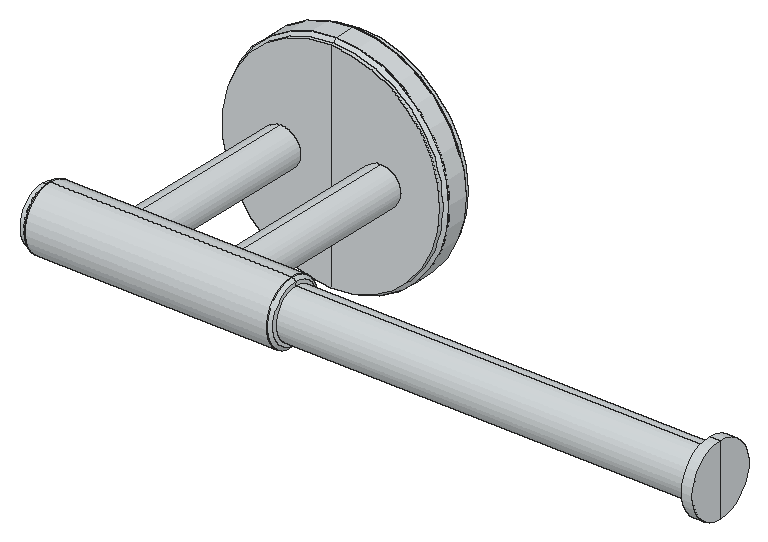
Revit family "Reece_Accessories_Milli_Marq Edit_Toilet Roll Holder", category Plumbing Fixtures, Revit 2018
Family settings
  Round Connector Dimension = Use Diameter
  Part Type = Normal
  Work Plane-Based = Yes
  Always vertical = Yes
  Cut with Voids When Loaded = Yes
  Shared = Yes
  Room Calculation Point = Yes
Parameters (values of type "Brushed Nickel")
  URL = "https://www.reece.com.au/product/-21902"
  Type Comments = "Accessory"
  Reece_Product_Web Page = "https://www.reece.com.au/product/-21902"
  Reece_Product_Type = "Accessory"  # constant formula
  Reece_Product_Sub Brand = "Marq Edit\r\n"  # constant formula
  Reece_Product_Number = "21902"
  Reece_Product_Mount = "Wall Mounted"  # constant formula
  Reece_Product_Description = "Milli Marq Edit Toilet Roll Holder Brushed Nickel"
  Reece_Product_Brand = "Milli"  # constant formula
  Reece_Overall_Width = 193 mm  # constant formula
  Reece_Overall_Projection = 76 mm  # constant formula
  Reece_Overall_Height = 62 mm  # constant formula
  Reece_Material_Secondary = Reece_Brass_Brushed Nickel_Knurl Pattern
  Reece_Material_Main = Reece_Brass_Brushed Nickel
  Reece_Height_From_Level [instance] = 300 mm
  Reece_Detail_Shape = ""
  Reece_Detail_Installation = ""
  Reece_Detail_Disclaimer = "THIS FILE IS THE PROPERTY OF THE REECE GROUP. IT MAY NOT BE REPRODUCED, REVERSE-ENGINEERED, OR MODIFIED. ANY REPUBLICATION, TRANSMISSION, OR DISTRIBUTION FOR THE PURPOSE OF COMMERCIALLY EXPLOITING THE FILES IS PROHIBITED."  # constant formula
  Reece_Detail_Connector = ""
  Reece_Detail_Additional = "Toilet Roll Holder\r\n"  # constant formula
  Model = "Marq Edit\r\n"
  Manufacturer = "Milli"
  Keynote = "Product #21902, Reece_Accessories_Milli_Marq Edit_Toilet Roll Holder - Brushed Nickel"
  Disclaimer = "THIS FILE IS THE PROPERTY OF THE REECE GROUP. IT MAY NOT BE REPRODUCED, REVERSE-ENGINEERED, OR MODIFIED. ANY REPUBLICATION, TRANSMISSION, OR DISTRIBUTION FOR THE PURPOSE OF COMMERCIALLY EXPLOITING THE FILES IS PROHIBITED."  # constant formula
  Description = "Milli Marq Edit Toilet Roll Holder Brushed Nickel"
  Default Elevation = 0 mm
Types (6, lengths in mm): name | URL | Reece_Product_Web Page | Reece_Product_Number | Reece_Product_Description | Reece_Material_Secondary | Reece_Material_Main | Keynote | Description
  Chrome | "https://www.reece.com.au/product/-21900" | "https://www.reece.com.au/product/-21900" | "21900" | "Milli Marq Edit Toilet Roll Holder Chrome" | Reece_Brass_Chrome_Knurl Pattern | Reece_Brass_Chrome | "Product #21900, Reece_Accessories_Milli_Marq Edit_Toilet Roll Holder - Chrome" | "Milli Marq Edit Toilet Roll Holder Chrome"
  Brushed Nickel | "https://www.reece.com.au/product/-21902" | "https://www.reece.com.au/product/-21902" | "21902" | "Milli Marq Edit Toilet Roll Holder Brushed Nickel" | Reece_Brass_Brushed Nickel_Knurl Pattern | Reece_Brass_Brushed Nickel | "Product #21902, Reece_Accessories_Milli_Marq Edit_Toilet Roll Holder - Brushed Nickel" | "Milli Marq Edit Toilet Roll Holder Brushed Nickel"
  Matte Black | "https://www.reece.com.au/product/-21901" | "https://www.reece.com.au/product/-21901" | "21901" | "Milli Marq Edit Toilet Roll Holder Matte Black" | Reece_Brass_Matte Black_Knurl Pattern | Reece_Brass_Matte Black | "Product #21901, Reece_Accessories_Milli_Marq Edit_Toilet Roll Holder - Matte Black" | "Milli Marq Edit Toilet Roll Holder Matte Black"
  Brushed Gunmetal | "https://www.reece.com.au/product/-21904" | "https://www.reece.com.au/product/-21904" | "21904" | "Milli Marq Edit Toilet Roll Holder Brushed Gunmetal" | Reece_Brass_Brushed Gunmetal_Knurl Pattern | Reece_Brass_Brushed Gunmetal | "Product #21904, Reece_Accessories_Milli_Marq Edit_Toilet Roll Holder - Brushed Gunmetal" | "Milli Marq Edit Toilet Roll Holder Brushed Gunmetal"
  Brushed Gold | "https://www.reece.com.au/product/-21903" | "https://www.reece.com.au/product/-21903" | "21903" | "Milli Marq Edit Toilet Roll Holder Brushed Gold" | Reece_PVD_Brushed Gold_Knurl Pattern | Reece_PVD_Brushed Gold | "Product #21903, Reece_Accessories_Milli_Marq Edit_Toilet Roll Holder - Brushed Gold" | "Milli Marq Edit Toilet Roll Holder Brushed Gold"
  Brushed Bronze | "https://www.reece.com.au/product/-21905" | "https://www.reece.com.au/product/-21905" | "21905" | "Milli Marq Edit Toilet Roll Holder Brushed Bronze" | Reece_PVD_Brushed Bronze_Knurl Pattern | Reece_PVD_Brushed Bronze | "Product #21905, Reece_Accessories_Milli_Marq Edit_Toilet Roll Holder - Brushed Bronze" | "Milli Marq Edit Toilet Roll Holder Brushed Bronze"
Reference planes
  plane 1 "Center (Front/Back)": y = 0
  plane 2 "Bottom Host Plane": z = -5
  plane 3 "Center (Left/Right)": x = 0
  plane 4 "height from level": z = 300
  plane 5: y = -76
  plane 6: z = 331
  plane 7: z = 269
  plane 8 "L_CTR": x = -60
  plane 9: x = -96.5
  plane 10 "Center L/U": x = -74.25
  plane 11 "Center L/V": x = -45.75
  plane 12 "RAIL 1_CTR": y = -67
  plane 13: x = 96.5
Forms (mm)
  Revolve 1, solid, material "Reece_Brass_Brushed Nickel" <- "Reece_Material_Main"
    sketch origin (-60, 0, 0) x (0, 0, 1) y (0, -1, 0)
      loop
        line (300, 0) -> (330.985, 0) -> (330.985, 1) -> (331.985, 2) -> (300, 2) -> (300, 0)
      loop
        line (300, 10) -> (300, 8) -> (331.985, 8) -> (330.985, 9) -> (330.985, 10) -> (300, 10)
      axis (300, 0) -> (300, 10)
    angle from 0 to 360
  Revolve 2, solid, material "Reece_Brass_Brushed Nickel_Knurl Pattern" <- "Reece_Material_Secondary"
    sketch origin (-60, 0, 0) x (0, 0, 1) y (0, -1, 0)
      loop
        line (300, 2) -> (331.985, 2) -> (331.985, 8) -> (300, 8) -> (300, 2)
      axis (300, 2) -> (300, 8)
    angle from 0 to 360
  Revolve 3, void
    sketch origin (-60, 0, 0) x (0, 0, 1) y (0, -1, 0)
      loop
        line (266.821, 3) -> (269, 3) -> (269, 5) -> (266.821, 5) -> (266.821, 3)
      axis (269, 5) -> (266.821, 5)
    angle from 0 to 360
  Extrusion 4, solid, material "Reece_Brass_Brushed Nickel" <- "Reece_Material_Main"
    sketch origin (-60, -10, 300) x (0, 0, 1) y (-1, 0, 0)
      loop
        circle (0, 14.25) r 5.5
      loop
        circle (0, -14.25) r 5.5
    from 0 to 57
  Revolve 5, solid, material "Reece_Brass_Brushed Nickel_Knurl Pattern" <- "Reece_Material_Secondary"
    sketch origin (31, -67, 0) x (0, 0, 1) y (-1, 0, 0)
      loop
        line (309, 125.5) -> (300, 125.5) -> (300, 56.5) -> (309, 56.5) -> (309, 125.5)
      axis (300, 125.5) -> (300, 56.5)
    angle from 0 to 360
  Revolve 6, solid, material "Reece_Brass_Brushed Nickel" <- "Reece_Material_Main"
    sketch origin (0, -67, 0) x (0, 0, 1) y (-1, 0, 0)
      loop
        line (308, 96.5) -> (300, 96.5) -> (300, 94.5) -> (309, 94.5) -> (308, 95.5) -> (308, 96.5)
      loop
        line (308, 24.5) -> (309, 25.5) -> (300, 25.5) -> (300, -96.5) -> (310, -96.5) -> (310, -93.5) -> (307, -93.5) -> (307, 24.5) -> (308, 24.5)
      axis (300, 96.5) -> (300, -96.5)
    angle from 0 to 360
  Extrusion 7, void
    sketch origin (-60, -10, 300) x (0, 0, 1) y (-1, 0, 0)
      loop
        circle (0, 14.25) r 5.5
      loop
        circle (0, -14.25) r 5.5
    from 0 to 55
  Revolve 8, solid, material "Reece_Brass_Brushed Nickel" <- "Reece_Material_Main"
    sketch origin (-60, 0, 0) x (0, 0, 1) y (0, -1, 0)
      loop
        line (268, 3.546) -> (269, 3) -> (269, 5) -> (268, 5) -> (268, 3.546)
      axis (269, 5) -> (268, 5)
    angle from 0 to 360
  Extrusion 9, void
    sketch origin (-60, -5, 268) x (0, 1, 0) y (1, 0, 0)
      loop
        line (0, 0.8) -> (-0.693, 0.4) -> (-0.693, -0.4) -> (0, -0.8) -> (0.693, -0.4) -> (0.693, 0.4) -> (0, 0.8)
    from 0 to -0.8
Cuts and joins
  Revolve 3 cuts Revolve 2
  Extrusion 7 cuts Revolve 5
  Extrusion 9 cuts Revolve 8
Lines and regions (mm)
  model lines, style "InvisibleLines"
    curve 1: line (0, 0, 300) -> (0, 0, -5)
Text (mm)
  text "Reece ©" at (2615.589, -2509.267, 2891.956), in view "Reece Preview"
  text "Reece ©" at (-402.991, -18.587, 0), in view "Ref. Level"
Dimensions and locks
  "Reece_Height_From_Level": plane 4 "height from level" to level
  locked: plane 2 "Bottom Host Plane" to level at 5
  equal spacing: plane 6, plane 4 "height from level", plane 7
  "Reece_Overall_Height": plane 6 to plane 7
  plane 11 "Center L/V" to plane 8 "L_CTR" to plane 10 "Center L/U" = 14.25 mm locked, 14.25 mm locked
  Extrusion 4 sketch curve to plane 10 "Center L/U" to Extrusion 4 sketch curve = 5.5 mm locked, 5.5 mm locked
  Extrusion 4 sketch curve to plane 11 "Center L/V" to Extrusion 4 sketch curve = 5.5 mm locked, 5.5 mm locked
  Extrusion 4 sketch curve to plane 4 "height from level" to Extrusion 4 sketch curve = 5.5 mm locked, 5.5 mm locked
  locked: plane 12 "RAIL 1_CTR" to plane 5 at 9
  locked: Revolve 5 sketch curve to Revolve 5 sketch curve at 69
  Revolve 6 sketch curve to Revolve 6 sketch curve to Revolve 6 sketch curve to Revolve 6 sketch curve = 1 mm locked, 69 mm locked, 1 mm locked
  Extrusion 7 sketch curve to plane 10 "Center L/U" to Extrusion 7 sketch curve = 5.5 mm locked, 5.5 mm locked
  Extrusion 7 sketch curve to plane 11 "Center L/V" to Extrusion 7 sketch curve = 5.5 mm locked, 5.5 mm locked
  Extrusion 7 sketch curve to plane 4 "height from level" to Extrusion 7 sketch curve = 5.5 mm locked, 5.5 mm locked
  Extrusion 9 sketch curve to plane 8 "L_CTR" to Extrusion 9 sketch curve = 0.8 mm locked, 0.8 mm locked
  locked: plane 7 to Revolve 8 sketch curve at 1
  locked: plane 10 "Center L/U" to plane 9 at 22.25
  "Reece_Overall_Projection": plane 5 to plane 1 "Center (Front/Back)"
  equal spacing: plane 9, plane 3 "Center (Left/Right)", plane 13
  "Reece_Overall_Width": plane 9 to plane 13
  aligned and locked: plane 4 "height from level" to curve 1
  aligned and locked: plane 2 "Bottom Host Plane" to curve 1
  aligned and locked: plane 3 "Center (Left/Right)" to curve 1
  aligned and locked: Revolve 1 sketch curve to plane 4 "height from level"
  aligned and locked: Revolve 2 sketch curve to plane 4 "height from level"
  aligned and locked: plane 7 to Revolve 8 sketch curve
  aligned and locked: Extrusion 4 to Revolve 1
Automatic sketch dimensions
  Revolve 1 sketch curve to plane 1 "Center (Front/Back)" = 0 mm
  Revolve 1 sketch curve to plane 4 "height from level" = 0 mm  (x2)
  Revolve 1 sketch curve to plane 6 = 0.015 mm  (x2)
  plane 6 to Revolve 1 sketch curve = 0.985 mm  (x2)
  plane 1 "Center (Front/Back)" to Revolve 1 sketch curve = 1 mm
  plane 1 "Center (Front/Back)" to Revolve 1 sketch curve = 2 mm
  Revolve 1 sketch curve to Revolve 1 sketch curve = 6 mm
  Revolve 1 sketch curve to Revolve 1 sketch curve = 1 mm
  Revolve 1 sketch curve to Revolve 1 sketch curve = 2 mm
  Revolve 1 sketch curve to Revolve 1 sketch curve = 57.654 mm
  Revolve 1 sketch curve to plane 12 "RAIL 1_CTR" = 12.654 mm
  Revolve 2 sketch curve to plane 4 "height from level" = 0 mm
  plane 6 to Revolve 2 sketch curve = 0.985 mm
  plane 1 "Center (Front/Back)" to Revolve 2 sketch curve = 2 mm
  Revolve 2 sketch curve to Revolve 2 sketch curve = 6 mm
  Revolve 2 sketch curve to plane 1 "Center (Front/Back)" = 13.945 mm
  Revolve 2 sketch curve to Revolve 2 sketch curve = 0 mm
  Revolve 3 sketch curve to plane 7 = 0 mm
  Revolve 3 sketch curve to Revolve 3 sketch curve = 2.179 mm
  plane 1 "Center (Front/Back)" to Revolve 3 sketch curve = 3 mm
  Revolve 3 sketch curve to Revolve 3 sketch curve = 2 mm
  Revolve 3 sketch curve to Revolve 3 sketch curve = 0.352 mm
  plane 7 to Revolve 3 sketch curve = 1.041 mm
  Revolve 3 sketch curve to Revolve 3 sketch curve = 0 mm
  Revolve 5 sketch curve to plane 4 "height from level" = 0 mm  (x2)
  Revolve 5 sketch curve to Revolve 5 sketch curve = 9 mm
  Revolve 5 sketch curve to plane 11 "Center L/V" = 20.25 mm
  Revolve 5 sketch curve to plane 9 = 260.883 mm
  plane 1 "Center (Front/Back)" to Revolve 8 sketch curve = 3 mm
  Revolve 8 sketch curve to Revolve 8 sketch curve = 0.546 mm
  Revolve 8 sketch curve to Revolve 8 sketch curve = 1.454 mm
  Revolve 8 sketch curve to Revolve 8 sketch curve = 1.531 mm
  plane 7 to Revolve 8 sketch curve = 1.041 mm
  Revolve 8 sketch curve to Revolve 8 sketch curve = 0 mm
  Extrusion 9 sketch curve to Revolve 8 = 0.4 mm  (x2)
  Extrusion 9 sketch curve to Extrusion 9 sketch curve = 0.693 mm  (x3)
  Revolve 8 to Extrusion 9 sketch curve = 0.4 mm  (x2)
  plane 3 "Center (Left/Right)" to Revolve 5 sketch curve = 573.617 mm
  Revolve 6 sketch curve to plane 4 "height from level" = 0 mm  (x3)
  Revolve 6 sketch curve to plane 9 = 0 mm
  plane 4 "height from level" to Revolve 6 sketch curve = 7 mm
  Revolve 6 sketch curve to Revolve 6 sketch curve = 1 mm  (x4)
  plane 9 to Revolve 6 sketch curve = 1 mm
  plane 4 "height from level" to Revolve 6 sketch curve = 8 mm
  Revolve 6 sketch curve to Revolve 6 sketch curve = 227.406 mm
  plane 13 to Revolve 6 sketch curve = 3 mm
  Revolve 6 sketch curve to Revolve 6 sketch curve = 60.883 mm
  Revolve 6 sketch curve to plane 13 = 0 mm
